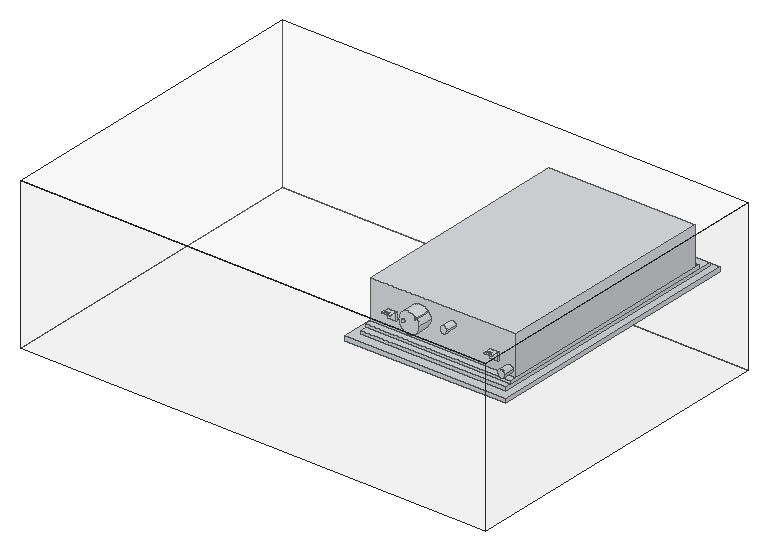
Revit family "pm-hrp40_80fa18_60Hz", category 機械設備, Revit 2019
Family settings
  丸型コネクタ寸法 = 直径を使用
  パーツ タイプ = 標準
  OmniClass 番号 = 23.75.10.24.21.27.27
  OmniClass タイトル = Split System Air Conditioning Units
  作業面ベース = いいえ
  常に垂直 = はい
  ロード時にボイドで切り取り = いいえ
  共有 = いいえ
  部屋計算ポイント = はい
Parameters (values of type "天井1方向_PM-HRP80FA18")
  風量（静）（m3／min） = 14
  風量（強）（m3／min） = 20
  風量（弱）（m3／min） = 16
  風量（中）（m3／min） = 18
  風量 = MAX風量  # 1200.0 m³/h
  音響パワーレベル（弱）(dB) = 51
  音響パワーレベル（中2）(dB) = 53
  音響パワーレベル（中1）(dB) = 55
  音響パワーレベル(dB) = 59
  電源種別 = ""
  電源_H = 60 mm
  電圧_電気ヒーター = 0 V
  電圧 = 200 V
  電動機出力_送風機 = 0.095 kW
  運転質量 = 0.00 kg
  連動 = ""
  質量 = if(製品質量 > 運転質量, 製品質量, 運転質量) * 1.2  # 40.20 kg
  負荷分類 = 3_ファン類
  構成品番 = "PM-HRP80FA"
  ドレン管径 (外径) = 32 mm
  ドレン管径 = 25 mm
  サービススペース = yes
  URL = "https://www.mitsubishielectric.co.jp/ldg/wink/ssl/displayProduct.do?pid=323456"
  説明 = "店舗・事務所用パッケージエアコン(Mr.SLIM) [本体]1方向天井カセット形"
  設計暖房能力 = 0.00 kW
  設計冷房能力_顕熱 = 0 kW
  設計冷房能力 = 0 kW
  設置方法 = "カセット形"
  記号 = ""
  製造元 = "三菱電機株式会社"
  製品質量 = 33.50 kg
  製品出荷対象 = "国内"
  製品リリース年月 = "2022/10/11"
  製品グループ = ""
  系統 = ""
  符号 = "PAC-CK1"
  積算_科目 = "1 空気調和設備"
  積算_拾い区分 [instance] = ""
  相 = 1
  盤記号 = ""
  発停方法 = "付属スイッチ"
  特殊仕様 = ""
  火災停止 = ""
  消費電力_電気ヒーター = 0.00 kW
  消費電力_暖房 = 0.10 kW
  消費電力_加湿器 = 0.00 kW
  消費電力_冷房 = 0.11 kW
  消費電力 = if(消費電力_冷房 > 消費電力_暖房, 消費電力_冷房, 消費電力_暖房) + 消費電力_加湿器 + 消費電力_電気ヒーター  # 0.11 kW
  法定耐用年数 = "6"
  極数 = 1
  材質 = ""
  本体マテリアル = none
  有効加湿量 = 0
  暖房能力 = 8.00 kW
  推奨ブレーカー容量 = 0 A
  形式_加湿器 = ""
  形式 = "1方向天井カセット形"
  幹線記号 = ""
  始動方式 = "直入"
  呼称 = "パッケージ形空気調和機_室内機"
  周波数 = 60 Hz
  吊り位置Y = 1173 mm
  吊り位置X = 510 mm
  吊りボルト_H = 117 mm
  台数_手元リモコン = ""
  台数_冷媒分岐ユニット = ""
  参照している仕様書等のバージョン = "公共建築工事標準仕様書（機械設備工事編）平成31年度版"
  加湿給水管径 = 0 mm
  分類コード = "50053003123030"
  分類グループ = ""
  冷房能力 = 7.1 kW
  冷媒高低圧ガス管径 = 0 mm
  冷媒管径符号 = "Bd"
  冷媒管径 = 100 mm
  冷媒液管高さ = 171 mm
  冷媒液管長さ = 72 mm
  冷媒液管径 = 9.5 mm
  冷媒ガス管高さ = 141 mm
  冷媒ガス管長さ = 72 mm
  冷媒ガス管径 = 15.9 mm
  企業コード = "108420"
  付属品_フィルター = ""
  付属品 = ""
  仕様書バージョン = "Version1.0"
  Model = ""
  パネルマテリアル = none
  ドレン管高さ = 159 mm
  コメント [instance] = ""
  ケーブル種類 = ""
  ケーブルサイズ = 0 mm
  Width = 724 mm
  Version = ""
  Uniclass2015Version = "Systems v1.9"
  Uniclass2015Title = "Split coil remote air cooled condensing units"
  Uniclass2015Code = "Pr_70_65_03_84"
  SpecificationReference = ""
  SpecificationDescription = ""
  S_H = 230 mm
  Revision = ""
  ProductInformation = ""
  Panel Width = 800 mm
  Panel Height = 20 mm
  Panel Depth = 1340 mm
  OmniClassCode = "23-33 17 13 11"
  MIN風量 = 風量（静）（m3／min） * 60.0 m³/h  # 840.0 m³/h
  MID風量2 = 風量（弱）（m3／min） * 60.0 m³/h  # 960.0 m³/h
  MID風量 = 風量（中）（m3／min） * 60.0 m³/h  # 1080.0 m³/h
  MAX風量 = 風量（強）（m3／min） * 60.0 m³/h  # 1200.0 m³/h
  IfcTypeProduct = ""
  IfcProduct = ""
  IfcExportType = "AIRCONDITIONINGUNIT"
  IfcExportAs = "IfcUnitaryEquipmentType"
  Height = 225 mm
  Depth = 1112 mm
  価格 = 390000
  Clearance Top = 230 mm
  Clearance Right = 20 mm
  Clearance Left = 1500 mm
  Clearance Front = 150 mm
  Clearance Bottom = 500 mm
  Clearance Back = 150 mm
  Author = "三菱電機株式会社"
Types (8, lengths in mm): name | 風量（静）（m3／min） | 風量（強）（m3／min） | 風量（弱）（m3／min） | 風量（中）（m3／min） | 風量 | 音響パワーレベル（弱）(dB) | 音響パワーレベル（中2）(dB) | 音響パワーレベル（中1）(dB) | 音響パワーレベル(dB) | 電源_H | 電動機出力_送風機 | 質量 | 構成品番 | URL | 製品質量 | 消費電力_暖房 | 消費電力_冷房 | 消費電力 | 暖房能力 | 冷房能力 | 冷媒管径符号 | 冷媒液管径 | 冷媒ガス管径 | MIN風量 | MID風量2 | MID風量 | MAX風量 | 価格
  天井1方向_PM-RP40FA18 | 11 | 15 | 12 | 14 | 900.0 m³/h | 47 | 50 | 52 | 55 | 60 | 0.09 kW | 37.80 kg | "PM-RP40FA" | "https://www.mitsubishielectric.co.jp/ldg/wink/ssl/displayProduct.do?pid=323478" | 31.50 kg | 0.07 kW | 0.08 kW | 0.08 kW | 4.00 kW | 3.6 kW | "Ac" | 6.4 | 12.7 | 660.0 m³/h | 720.0 m³/h | 840.0 m³/h | 900.0 m³/h | 300000
  天井1方向_PM-RP45FA18 | 11 | 15 | 12 | 14 | 900.0 m³/h | 47 | 50 | 52 | 55 | 60 | 0.09 kW | 37.80 kg | "PM-RP45FA" | "https://www.mitsubishielectric.co.jp/ldg/wink/ssl/displayProduct.do?pid=323451" | 31.50 kg | 0.07 kW | 0.08 kW | 0.08 kW | 4.50 kW | 4 kW | "Ac" | 6.4 | 12.7 | 660.0 m³/h | 720.0 m³/h | 840.0 m³/h | 900.0 m³/h | 309000
  天井1方向_PM-RP50FA18 | 11 | 15 | 12 | 14 | 900.0 m³/h | 47 | 50 | 52 | 55 | 60 | 0.09 kW | 37.80 kg | "PM-RP50FA" | "https://www.mitsubishielectric.co.jp/ldg/wink/ssl/displayProduct.do?pid=323452" | 31.50 kg | 0.07 kW | 0.08 kW | 0.08 kW | 5.00 kW | 4.5 kW | "Ac" | 6.4 | 12.7 | 660.0 m³/h | 720.0 m³/h | 840.0 m³/h | 900.0 m³/h | 334000
  天井1方向_PM-RP56FA18 | 14 | 17 | 15 | 16 | 1020.0 m³/h | 50 | 51 | 53 | 55 | 60 | 0.095 kW | 39.00 kg | "PM-RP56FA" | "https://www.mitsubishielectric.co.jp/ldg/wink/ssl/displayProduct.do?pid=323453" | 32.50 kg | 0.07 kW | 0.08 kW | 0.08 kW | 5.60 kW | 5 kW | "Ac" | 6.4 | 12.7 | 840.0 m³/h | 900.0 m³/h | 960.0 m³/h | 1020.0 m³/h | 346000
  天井1方向_PM-RP63FA18 | 14 | 19 | 16 | 17 | 1140.0 m³/h | 50 | 52 | 54 | 56 | 60 | 0.095 kW | 39.00 kg | "PM-RP63FA" | "https://www.mitsubishielectric.co.jp/ldg/wink/ssl/displayProduct.do?pid=323649" | 32.50 kg | 0.08 kW | 0.09 kW | 0.09 kW | 6.30 kW | 5.6 kW | "Ac" | 6.4 | 12.7 | 840.0 m³/h | 960.0 m³/h | 1020.0 m³/h | 1140.0 m³/h | 360000
  天井1方向_PM-RP71FA18 | 14 | 20 | 16 | 18 | 1200.0 m³/h | 51 | 53 | 55 | 58 | 60 | 0.095 kW | 39.00 kg | "PM-RP71FA" | "https://www.mitsubishielectric.co.jp/ldg/wink/ssl/displayProduct.do?pid=323454" | 32.50 kg | 0.09 kW | 0.10 kW | 0.10 kW | 7.00 kW | 6.3 kW | "Bd" | 9.5 | 15.9 | 840.0 m³/h | 960.0 m³/h | 1080.0 m³/h | 1200.0 m³/h | 366000
  天井1方向_PM-RP80FA18 | 14 | 20 | 16 | 18 | 1200.0 m³/h | 51 | 53 | 55 | 58 | 0 | 0.095 kW | 39.00 kg | "PM-RP80FA" | "https://www.mitsubishielectric.co.jp/ldg/wink/ssl/displayProduct.do?pid=323455" | 32.50 kg | 0.09 kW | 0.10 kW | 0.10 kW | 8.00 kW | 7.1 kW | "Bd" | 9.5 | 15.9 | 840.0 m³/h | 960.0 m³/h | 1080.0 m³/h | 1200.0 m³/h | 383000
  天井1方向_PM-HRP80FA18 | 14 | 20 | 16 | 18 | 1200.0 m³/h | 51 | 53 | 55 | 59 | 60 | 0.095 kW | 40.20 kg | "PM-HRP80FA" | "https://www.mitsubishielectric.co.jp/ldg/wink/ssl/displayProduct.do?pid=323456" | 33.50 kg | 0.10 kW | 0.11 kW | 0.11 kW | 8.00 kW | 7.1 kW | "Bd" | 9.5 | 15.9 | 840.0 m³/h | 960.0 m³/h | 1080.0 m³/h | 1200.0 m³/h | 390000
Reference planes
  plane 1 "中心(正面/背面)": y = 0
  plane 2: z = 0
  plane 3 "中心(左/右)": x = 0
  plane 4: x = -400
  plane 5: x = 400
  plane 6: y = 670
  plane 7: y = -670
  plane 8: z = 225
  plane 9: z = 230
  plane 10: x = -255
  plane 11: x = 255
  plane 12: y = 586.5
  plane 13: y = -586.5
  plane 14: y = 556
  plane 15: y = -556
  plane 16: x = -362
  plane 17: x = 362
  plane 18: x = -1900
  plane 19: x = 420
  plane 20: y = 820
  plane 21: y = -820
  plane 22: z = 230
  plane 23: z = -20
  plane 24: z = -520
Dimensions and locks
  equal spacing: plane 4, plane 3 "中心(左/右)", plane 5
  plane 4 to plane 5 = 800 mm
  equal spacing: plane 7, plane 1 "中心(正面/背面)", plane 6
  plane 4 to plane 10 = 145 mm
  plane 11 to plane 5 = 145 mm
  "S_H": plane 9 to level
  "吊り位置X": plane 10 to plane 11
  equal spacing: plane 10, plane 3 "中心(左/右)", plane 11
  equal spacing: plane 13, plane 1 "中心(正面/背面)", plane 12
  "吊り位置Y": plane 13 to plane 12
  equal spacing: plane 15, plane 1 "中心(正面/背面)", plane 14
  "Depth": plane 15 to plane 14
  equal spacing: plane 16, plane 3 "中心(左/右)", plane 17
  "Width": plane 16 to plane 17
  "Clearance Left": plane 18 to plane 4
  "Clearance Right": plane 5 to plane 19
  "Clearance Back": plane 6 to plane 20
  "Clearance Front": plane 21 to plane 7
  locked: level to plane 23 at 20
  "Clearance Bottom": plane 23 to plane 24
  "Clearance Top": plane 22 to level
  plane 12 to plane 6 = 83.5 mm
  plane 7 to plane 13 = 83.5 mm
  plane 7 to plane 6 = 1340 mm
  "Height": plane 8 to level
  aligned and locked: level to plane 2
  aligned and locked: plane 10 to nested 2
  aligned and locked: plane 11 to nested 2
  aligned and locked: nested 2 to plane 12
  aligned and locked: plane 13 to nested 2
  aligned and locked: plane 18 to nested 1
  aligned and locked: plane 19 to nested 1
  aligned and locked: nested 1 to plane 21
  aligned and locked: nested 1 to plane 20
  aligned and locked: plane 22 to nested 1
  aligned and locked: plane 24 to nested 1
  aligned and locked: plane 1 "中心(正面/背面)" to nested 3
  aligned and locked: nested 3 to plane 3 "中心(左/右)"
Nested families
  nested 1: "サービススペース" at (-740, 0, -145), visible <- "サービススペース", type "サービススペース"
    with Width 2320 mm, Height 750 mm, Depth 1640 mm
  nested 2: "固定点" at (-255, -586.5, 0), type "固定点"
    with W 510 mm, D 1173 mm
  nested 3: "PM-RP○○FA17" at (0, 0, 0) x (0, -1, 0) z (0, 0, 1), type "PM-RP○○FA17"
    with ユニット表示 yes, 液配管サイズ 9.5 mm, 冷媒液管径-Z 171 mm, 冷媒ガス管径-Z 141 mm, ドレン配管サイズ 32 mm, ガス配管サイズ 15.9 mm
Connectors
  piping at (47, -613, 159), diameter 25, driven by "ドレン管径"
    settings: on nested 3, index 1, connector inside diameter 609.6 mm, connector length 0 mm, flow factor 0, pipe flow 0.0 L/s, pressure drop 0.0 Pa, fitting loss kfactor 0, connector angle 0.00°, fixture units 0, engagement length 0 mm, angle of deflection 0.00°, flow configuration 1, flow direction 2, fitting loss method 4, system type 16, joint type 0, gender type 0, connector reference index -1, connector utility 0, adjustable connector no, is connector primary yes, connector description ""
  piping at (-113, -628, 141), diameter 100, driven by "冷媒管径", driven by "冷媒管径符号"
    settings: on nested 3, index 2, connector inside diameter 609.6 mm, connector length 0 mm, flow factor 0, pipe flow 0.0 L/s, pressure drop 0.0 Pa, fitting loss kfactor 0, connector angle 0.00°, fixture units 0, engagement length 0 mm, angle of deflection 0.00°, flow configuration 1, flow direction 1, fitting loss method 4, system type 7, joint type 0, gender type 0, connector reference index -1, connector utility 0, adjustable connector no, is connector primary no, connector description "Bd"
  electrical at (330, -606, 60), driven by "極数", driven by "負荷分類", driven by "電圧", driven by "消費電力"
    settings: on nested 3, index 3, voltage 200 V, apparent load 110 VA, apparent load phase1 0 VA, apparent load phase2 0 VA, apparent load phase3 0 VA, power factor 1, load classification "3_ファン類", number of poles 1, system type 30, power factor state 1, is connector primary yes, connector utility no, sub classification motor no, connector description ""
Definition of nested family "サービススペース"
  Parameters (values of type "サービススペース")
    Width [instance] = 500 mm
    Height [instance] = 500 mm
    Depth [instance] = 500 mm
  Reference planes
    plane 1 "中心(正面/背面)": y = 0
    plane 2: z = 0
    plane 3 "中心(左/右)": x = 0
    plane 4: y = -250
    plane 5: x = 250
    plane 6: y = 250
    plane 7: x = -250
    plane 8: z = 250
    plane 9: z = -250
  Forms (mm)
    Extrusion 1, solid
      sketch origin (-638.939, 0, 72.39) x (1, 0, 0) y (0, 1, 0)
        loop
          line (388.939, 250) -> (388.939, -250) -> (888.939, -250) -> (888.939, 250) -> (388.939, 250)
      from -322.39 to 177.61
  Lines and regions (mm)
    symbolic lines
      curve 1: line (-250, 0, 250) -> (250, 0, 250)
      curve 2: line (-250, 0, -250) -> (-250, 0, 250)
      curve 3: line (250, 0, -250) -> (-250, 0, -250)
      curve 4: line (250, 0, 250) -> (250, 0, -250)
      curve 5: line (0, -250, 250) -> (0, 250, 250)
      curve 6: line (0, -250, -250) -> (0, -250, 250)
      curve 7: line (0, 250, -250) -> (0, -250, -250)
      curve 8: line (0, 250, 250) -> (0, 250, -250)
      curve 9: line (-250, 250, 0) -> (250, 250, 0)
      curve 10: line (-250, -250, 0) -> (-250, 250, 0)
      curve 11: line (250, -250, 0) -> (-250, -250, 0)
      curve 12: line (250, 250, 0) -> (250, -250, 0)
  Dimensions and locks
    equal spacing: plane 7, plane 3 "中心(左/右)", plane 5
    equal spacing: plane 4, plane 1 "中心(正面/背面)", plane 6
    "Depth": plane 4 to plane 6
    "Width": plane 7 to plane 5
    equal spacing: plane 8, plane 2, plane 9
    "Height": plane 8 to plane 9
    aligned and locked: plane 9 to curve 3
    aligned and locked: plane 7 to curve 2
    aligned and locked: curve 4 to plane 5
    aligned and locked: plane 5 to Extrusion 1
    aligned and locked: Extrusion 1 to plane 7
    aligned and locked: Extrusion 1 to plane 9
    aligned and locked: plane 8 to Extrusion 1
    aligned and locked: plane 9 to curve 7
  Automatic sketch dimensions
    plane 4 to Extrusion 1 sketch curve = 0 mm
    Extrusion 1 sketch curve to plane 7 = 0 mm
    Extrusion 1 sketch curve to plane 5 = 0 mm
    plane 6 to Extrusion 1 sketch curve = 0 mm
    curve 2 to plane 8 = 0 mm
    plane 4 to curve 11 = 0 mm
    curve 11 to plane 7 = 0 mm
    curve 11 to plane 5 = 0 mm
    plane 6 to curve 10 = 0 mm
    curve 7 to plane 4 = 0 mm
    curve 7 to plane 6 = 0 mm
    curve 6 to plane 8 = 0 mm
Definition of nested family "PM-RP○○FA17"
  Parameters (values of type "PM-RP○○FA17")
    配線取出口サイズ = 36 mm
    配線取出口-Z = 60 mm
    配線取出口-Y = 32 mm
    配線取出口-X = 50 mm
    液配管サイズ = 6.4 mm
    冷媒ガス管径-Z2 = 141 mm
    冷媒ガス管径-Z1 = 171 mm
    A = 幅さ + 228 mm  # 1340 mm
    高さ = 225 mm
    奥行き = 724 mm
    吊りボルト_H = 117 mm
    冷媒配管 = 100 mm
    冷媒液管径-Z = 156 mm
    冷媒液管径-Y = 445 mm
    冷媒液管径-X = 72 mm
    冷媒ガス管径-Z = 156 mm
    冷媒ガス管径-Y = 505 mm
    冷媒ガス管径-X = 72 mm
    ユニット表示 [instance] = yes
    ボルトピッチ = 510 mm
    ドレン配管サイズ = 25 mm
    ドレン管径-Z = 159 mm
    ドレン管径-Y = 315 mm
    ドレン管径-X = 57 mm
    ガス配管サイズ = 12.7 mm
    D = 幅さ + 61 mm  # 1173 mm
    幅さ = 1112 mm
    B = 幅さ + 188 mm  # 1300 mm
  Reference planes
    plane 1 "中心(正面/背面)": y = 0
    plane 2: z = 0
    plane 3 "中心(左/右)": x = 0
    plane 4: x = -670
    plane 5: x = 670
    plane 6: y = 400
    plane 7: y = -400
    plane 8: z = 225
    plane 9: z = -20
    plane 10: x = -556
    plane 11: x = 556
    plane 12: y = 362
    plane 13: y = -362
    plane 14: z = 16
    plane 15: x = -650
    plane 16: x = 650
    plane 17: x = 586.5
    plane 18: x = -586.5
    plane 19: z = 32
    plane 20: x = 620
    plane 21: y = 255
    plane 22: y = -255
    plane 23: x = 628
    plane 24: y = -143
    plane 25: z = 156
    plane 26: x = 628
    plane 27: y = -83
    plane 28: x = 613
    plane 29: y = 47
    plane 30: z = 159
    plane 31: x = 606
    plane 32: y = 330
    plane 33: z = 60
    plane 34: z = 117
    plane 35: z = 115
    plane 36: z = 75
    plane 37: y = 275
    plane 38: y = 235
    plane 39: y = -235
    plane 40: y = -275
    plane 41: y = 260
    plane 42: y = 250
    plane 43: y = -250
    plane 44: y = -260
    plane 45: x = -596
    plane 46: x = 596
    plane 47: x = -558
    plane 48: x = 558
    plane 49: z = 141
    plane 50: z = 171
  Forms (mm)
    Extrusion 1, solid, visible <- "ユニット表示", detail levels fine
      sketch origin (0, 0, 0) x (1, 0, 0) y (0, 1, 0)
        loop
          line (-556, 362) -> (-556, -362) -> (556, -362) -> (556, 362) -> (-556, 362)
      from 32 to 225
    Extrusion 2, solid, visible <- "ユニット表示", detail levels fine
      sketch origin (-1437.329, -1524, 16) x (-1, 0, 0) y (0, -1, 0)
        loop
          line (-850.829, -1886) -> (-850.829, -1162) -> (-2023.829, -1162) -> (-2023.829, -1886) -> (-850.829, -1886)
      from 0 to 16
    Extrusion 3, solid, visible <- "ユニット表示", detail levels fine
      sketch origin (-1437.329, -1524, 16) x (-1, 0, 0) y (0, -1, 0)
        loop
          line (-787.329, -1886) -> (-787.329, -1162) -> (-2057.329, -1162) -> (-2057.329, -1886) -> (-787.329, -1886)
      from 0 to -16
    Extrusion 4, solid, visible <- "ユニット表示", detail levels fine
      sketch origin (556, 1296.25, 1200) x (0, 1, 0) y (0, 0, 1)
        loop
          circle (-1439.25, -1059) r 6.35
      from 0 to 72
    Extrusion 5, solid, visible <- "ユニット表示", detail levels fine
      sketch origin (556, 1296.25, 1200) x (0, 1, 0) y (0, 0, 1)
        loop
          circle (-1379.25, -1029) r 3.2
      from 0 to 72
    Extrusion 6, solid, visible <- "ユニット表示", detail levels fine
      sketch origin (556, 1296.25, 1200) x (0, 1, 0) y (0, 0, 1)
        loop
          circle (-1249.25, -1041) r 12.5
      from 0 to 57
    Extrusion 7, solid, visible <- "ユニット表示", detail levels fine
      sketch origin (556, 1296.25, 1200) x (0, 1, 0) y (0, 0, 1)
        loop
          circle (-966.25, -1140) r 18
      from 0 to 50
    Extrusion 8, solid, visible <- "ユニット表示", detail levels fine
      sketch origin (556, 1306.25, 1200) x (0, 1, 0) y (0, 0, 1)
        loop
          circle (-1419.25, -1044) r 50
      from 0 to 72
    Extrusion 9, solid, visible <- "ユニット表示"
      sketch origin (0, 0, 0) x (1, 0, 0) y (0, 1, 0)
        loop
          line (-670, 400) -> (-670, -400) -> (670, -400) -> (670, 400) -> (-670, 400)
      from 0 to -20
    Extrusion 10, solid, visible <- "ユニット表示", detail levels fine
      sketch origin (0, 0, 0) x (1, 0, 0) y (0, 1, 0)
        loop
          line (-581.5, 260) -> (-581.5, 250)
          arc (-581.5, 250) -> (-586.5, 245) -> (-591.5, 250) r 5
          line (-591.5, 250) -> (-596, 250) -> (-596, 235) -> (-556, 235) -> (-556, 275) -> (-596, 275) -> (-596, 260) -> (-591.5, 260)
          arc (-591.5, 260) -> (-586.5, 265) -> (-581.5, 260) r 5
        loop
          arc (581.5, 260) -> (586.5, 265) -> (591.5, 260) r 5
          line (591.5, 260) -> (596, 260) -> (596, 275) -> (556, 275) -> (556, 235) -> (596, 235) -> (596, 250) -> (591.5, 250)
          arc (591.5, 250) -> (586.5, 245) -> (581.5, 250) r 5
          line (581.5, 250) -> (581.5, 260)
        loop
          line (581.5, -260) -> (581.5, -250)
          arc (581.5, -250) -> (586.5, -245) -> (591.5, -250) r 5
          line (591.5, -250) -> (596, -250) -> (596, -235) -> (556, -235) -> (556, -275) -> (596, -275) -> (596, -260) -> (591.5, -260)
          arc (591.5, -260) -> (586.5, -265) -> (581.5, -260) r 5
        loop
          arc (-581.5, -260) -> (-586.5, -265) -> (-591.5, -260) r 5
          line (-591.5, -260) -> (-596, -260) -> (-596, -275) -> (-556, -275) -> (-556, -235) -> (-596, -235) -> (-596, -250) -> (-591.5, -250)
          arc (-591.5, -250) -> (-586.5, -245) -> (-581.5, -250) r 5
          line (-581.5, -250) -> (-581.5, -260)
      from 115 to 117
    Extrusion 11, solid, visible <- "ユニット表示", detail levels fine
      sketch origin (0, 0, 0) x (1, 0, 0) y (0, 1, 0)
        loop
          line (-558, 275) -> (-558, 235) -> (-556, 235) -> (-556, 275) -> (-558, 275)
        loop
          line (556, 275) -> (556, 235) -> (558, 235) -> (558, 275) -> (556, 275)
        loop
          line (556, -235) -> (556, -275) -> (558, -275) -> (558, -235) -> (556, -235)
        loop
          line (-558, -235) -> (-558, -275) -> (-556, -275) -> (-556, -235) -> (-558, -235)
      from 75 to 115
  Dimensions and locks
    equal spacing: plane 7, plane 1 "中心(正面/背面)", plane 6
    plane 7 to plane 6 = 800 mm
    equal spacing: plane 4, plane 3 "中心(左/右)", plane 5
    "A": plane 4 to plane 5
    locked: level to plane 9 at 20
    equal spacing: plane 13, plane 1 "中心(正面/背面)", plane 12
    "奥行き": plane 13 to plane 12
    equal spacing: plane 10, plane 3 "中心(左/右)", plane 11
    "幅さ": plane 10 to plane 11
    locked: plane 14 to level at 16
    equal spacing: plane 15, plane 3 "中心(左/右)", plane 16
    "B": plane 15 to plane 16
    equal spacing: plane 18, plane 3 "中心(左/右)", plane 17
    "D": plane 18 to plane 17
    equal spacing: plane 22, plane 1 "中心(正面/背面)", plane 21
    "ボルトピッチ": plane 22 to plane 21
    "冷媒ガス管径-X": plane 11 to plane 23
    "冷媒ガス管径-Y": plane 24 to plane 12
    "冷媒液管径-X": plane 11 to plane 26
    "冷媒液管径-Y": plane 27 to plane 12
    "ドレン管径-X": plane 11 to plane 28
    "ドレン管径-Y": plane 29 to plane 12
    "配線取出口-X": plane 11 to plane 31
    "配線取出口-Y": plane 32 to plane 12
    "配線取出口-Z": plane 33 to level
    "ドレン管径-Z": plane 30 to level
    "冷媒ガス管径-Z": plane 25 to level
    locked: plane 35 to plane 36 at 40
    locked: plane 34 to plane 35 at 2
    "吊りボルト_H": plane 34 to level
    plane 40 to plane 22 to plane 39 = 20 mm locked, 20 mm locked
    plane 38 to plane 21 to plane 37 = 20 mm locked, 20 mm locked
    plane 44 to plane 22 to plane 43 = 5 mm locked, 5 mm locked
    plane 42 to plane 21 to plane 41 = 5 mm locked, 5 mm locked
    locked: plane 45 to plane 10 at 40
    locked: plane 11 to plane 46 at 40
    locked: plane 11 to plane 48 at 2
    locked: plane 47 to plane 10 at 2
    plane 16 to plane 15 = 1300 mm
    plane 4 to plane 15 = 20 mm
    plane 15 to plane 10 = 94 mm
    plane 11 to plane 16 = 94 mm
    plane 12 to plane 6 = 38 mm
    locked: plane 19 to plane 14 at 16
    "高さ": plane 8 to level
    equal spacing: plane 24, Extrusion 8 sketch curve, plane 27
    plane 7 to plane 13 = 38 mm
    plane 16 to plane 5 = 20 mm
    "冷媒ガス管径-Z2": plane 49 to level
    "冷媒ガス管径-Z1": plane 50 to level
    "ガス配管サイズ": diameter of Extrusion 4 sketch curve
    "液配管サイズ": diameter of Extrusion 5 sketch curve
    "配線取出口サイズ": diameter of Extrusion 7 sketch curve
    "冷媒配管": diameter of Extrusion 8 sketch curve
    "ドレン配管サイズ": diameter of Extrusion 6 sketch curve
    aligned and locked: level to plane 2
    aligned and locked: plane 12 to Extrusion 1 sketch curve
    aligned and locked: plane 10 to Extrusion 1 sketch curve
    aligned and locked: Extrusion 1 sketch curve to plane 13
    aligned and locked: Extrusion 1 sketch curve to plane 11
    aligned and locked: plane 8 to Extrusion 1
    aligned and locked: plane 12 to Extrusion 2 sketch curve
    aligned and locked: plane 18 to Extrusion 2 sketch curve
    aligned and locked: Extrusion 2 sketch curve to plane 13
    aligned and locked: Extrusion 2 sketch curve to plane 17
    aligned and locked: plane 19 to Extrusion 2
    aligned and locked: Extrusion 1 to Extrusion 2
    aligned and locked: plane 12 to Extrusion 3 sketch curve
    aligned and locked: Extrusion 3 sketch curve to plane 13
    aligned and locked: Extrusion 3 sketch curve to plane 20
    aligned and locked: Extrusion 3 to level
    aligned and locked: plane 14 to Extrusion 3
    aligned and locked: plane 24 to Extrusion 4 sketch curve
    aligned and locked: Extrusion 4 to plane 11
    aligned and locked: plane 23 to Extrusion 4
    aligned and locked: plane 27 to Extrusion 5 sketch curve
    aligned and locked: plane 26 to Extrusion 5
    aligned and locked: Extrusion 5 to plane 11
    aligned and locked: plane 30 to Extrusion 6 sketch curve
    aligned and locked: plane 29 to Extrusion 6 sketch curve
    aligned and locked: Extrusion 6 to plane 11
    aligned and locked: plane 28 to Extrusion 6
    aligned and locked: plane 33 to Extrusion 7 sketch curve
    aligned and locked: plane 32 to Extrusion 7 sketch curve
    aligned and locked: Extrusion 7 to plane 11
    aligned and locked: plane 31 to Extrusion 7
    aligned and locked: plane 25 to Extrusion 8 sketch curve
    aligned and locked: Extrusion 8 to plane 11
    aligned and locked: plane 26 to Extrusion 8
    aligned and locked: level to Extrusion 9
    aligned and locked: Extrusion 9 to plane 9
    aligned and locked: Extrusion 10 sketch curve to plane 10
    aligned and locked: plane 34 to Extrusion 10
    aligned and locked: Extrusion 10 to plane 35
    aligned and locked: plane 37 to Extrusion 10 sketch curve
    aligned and locked: plane 45 to Extrusion 10 sketch curve  (x2)
    aligned and locked: Extrusion 10 sketch curve to plane 38
    aligned and locked: Extrusion 10 sketch curve to plane 42
    aligned and locked: Extrusion 10 sketch curve to plane 41
    aligned and locked: plane 41 to Extrusion 10 sketch curve  (x3)
    aligned and locked: plane 42 to Extrusion 10 sketch curve  (x3)
    aligned and locked: plane 18 to Extrusion 10 sketch curve  (x4)
    aligned and locked: plane 10 to Extrusion 10 sketch curve
    aligned and locked: Extrusion 10 sketch curve to plane 39
    aligned and locked: plane 40 to Extrusion 10 sketch curve
    aligned and locked: plane 44 to Extrusion 10 sketch curve  (x3)
    aligned and locked: plane 43 to Extrusion 10 sketch curve  (x3)
    aligned and locked: Extrusion 10 sketch curve to plane 43
    aligned and locked: Extrusion 10 sketch curve to plane 44
    aligned and locked: Extrusion 10 sketch curve to plane 45  (x2)
    aligned and locked: plane 11 to Extrusion 10 sketch curve
    aligned and locked: Extrusion 10 sketch curve to plane 46  (x2)
    aligned and locked: plane 17 to Extrusion 10 sketch curve  (x4)
    aligned and locked: Extrusion 10 sketch curve to plane 40
    aligned and locked: plane 39 to Extrusion 10 sketch curve
    aligned and locked: plane 46 to Extrusion 10 sketch curve  (x2)
    aligned and locked: plane 38 to Extrusion 10 sketch curve
    aligned and locked: Extrusion 10 sketch curve to plane 11
    aligned and locked: Extrusion 10 sketch curve to plane 37
    aligned and locked: plane 37 to Extrusion 11 sketch curve
    aligned and locked: plane 47 to Extrusion 11 sketch curve  (x2)
    aligned and locked: Extrusion 11 sketch curve to Extrusion 10  (x8)
    aligned and locked: Extrusion 11 sketch curve to plane 38
    aligned and locked: Extrusion 11 sketch curve to plane 48  (x2)
    aligned and locked: Extrusion 11 sketch curve to plane 40
    aligned and locked: plane 39 to Extrusion 11 sketch curve
    aligned and locked: Extrusion 11 to Extrusion 10
    aligned and locked: Extrusion 11 to plane 36
    aligned and locked: plane 49 to Extrusion 4 sketch curve
    aligned and locked: plane 50 to Extrusion 5 sketch curve
  Automatic sketch dimensions
    Extrusion 9 sketch curve to plane 4 = 0 mm
    Extrusion 9 sketch curve to plane 5 = 0 mm
    plane 7 to Extrusion 9 sketch curve = 0 mm
    plane 6 to Extrusion 9 sketch curve = 0 mm
    Extrusion 10 sketch curve to plane 18 = 5 mm  (x2)
    Extrusion 10 sketch curve to plane 17 = 5 mm  (x2)
    Extrusion 3 sketch curve to plane 15 = 0 mm
Definition of nested family "固定点"
  Parameters (values of type "固定点")
    中心円 = 20 mm
    W [instance] = 1000 mm
    D [instance] = 1000 mm
  Reference planes
    plane 1 "中心(正面/背面)": y = 0
    plane 2: z = 0
    plane 3 "中心(左/右)": x = 0
    plane 4: x = 1000
    plane 5: y = 1000
  Lines and regions (mm)
    symbolic lines, detail levels fine
      curve 1: circle (0, 1000, 0) r 10 normal (0, 0, 1)
      curve 2: circle (0, 0, 0) r 10 normal (0, 0, 1)
      curve 3: circle (1000, 1000, 0) r 10 normal (0, 0, 1)
      curve 4: circle (1000, 0, 0) r 10 normal (0, 0, 1)
      curve 5: line (-200, 1000, 0) -> (1200, 1000, 0)
      curve 6: line (-200, 0, 0) -> (1200, 0, 0)
      curve 7: line (0, 1200, 0) -> (0, -200, 0)
      curve 8: line (1000, 1200, 0) -> (1000, -200, 0)
  Dimensions and locks
    "W": plane 3 "中心(左/右)" to plane 4
    "D": plane 1 "中心(正面/背面)" to plane 5
    "中心円": diameter of curve 1
    "中心円": diameter of curve 2
    "中心円": diameter of curve 3
    "中心円": diameter of curve 4
    aligned and locked: level to plane 2
    aligned and locked: plane 5 to curve 1
    aligned and locked: plane 3 "中心(左/右)" to curve 1
    aligned and locked: plane 3 "中心(左/右)" to curve 2
    aligned and locked: plane 1 "中心(正面/背面)" to curve 2
    aligned and locked: plane 4 to curve 3
    aligned and locked: plane 5 to curve 3
    aligned and locked: plane 1 "中心(正面/背面)" to curve 4
    aligned and locked: plane 4 to curve 4
    aligned and locked: plane 1 "中心(正面/背面)" to curve 6
    aligned and locked: curve 7 to plane 3 "中心(左/右)"
    aligned and locked: curve 8 to plane 4
  Automatic sketch dimensions
    curve 5 to plane 5 = 0 mm
    curve 6 to plane 3 "中心(左/右)" = 200 mm
    curve 5 to plane 3 "中心(左/右)" = 200 mm
    curve 4 to curve 6 = 200 mm
    curve 3 to curve 5 = 200 mm
    plane 1 "中心(正面/背面)" to curve 8 = 200 mm
    plane 1 "中心(正面/背面)" to curve 7 = 200 mm
    curve 3 to curve 8 = 200 mm
    curve 1 to curve 7 = 200 mm
